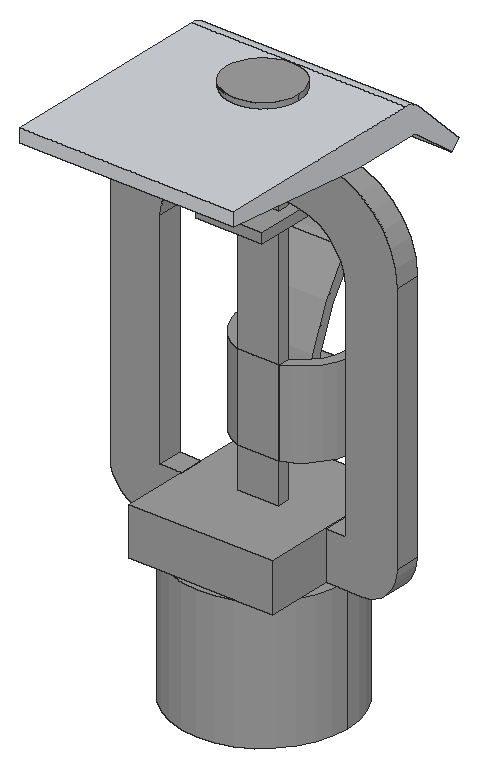
Revit family
Parameters (values of type "RASCO G VSW")
  Temperature Rating = 165 °F
  Response = (empty or 0)
  RASCO SIN # = "R1285"
  RASCO Part # = "GV1B"
  Pressure Rating = "175 PSI"
  Pressure Class = (empty or 0)
  Orifice Size = 1/2"
  Orifice = (empty or 0)
  Model = "G"
  Manufacturer = "RASCO"
  K-Factor = 5.62
  Description = "Brz. Finish"
  Coverage = (empty or 0)
Reference planes (in)
  plane 1 "Center (Front/Back)": y = 0
  plane 2: z = 0
  plane 3 "Center (Left/Right)": x = 0
Dimensions and locks (in)
  aligned and locked: plane 2 to level
Nested families (in)
  nested 1: "GV1B" at (0, 0, 0), type "RASCO G VSW"
Connectors (in)
  piping at (0, 0, 0)
    settings: on nested 1, index 1, connector radius 0.45", flow factor 0, pipe flow 0 GPM, pressure drop 0.00 psi, fitting loss kfactor 0, connector angle 0.00°, fixture units 0, flow configuration 0, flow direction 0, fitting loss method 0, system type 7, connector reference index -1, connector utility 0, adjustable connector no, is connector primary yes, fitting loss table "", connector description ""
Definition of nested family "GV1B"
  Parameters (values of type "RASCO G VSW")
    Type Comments = ""
    Temperature Rating = 0 °F
    Response = (empty or 0)
    Pressure Rating = "0"
    Pressure Class = (empty or 0)
    Orifice Size = 0"
    Orifice = (empty or 0)
    Model = ""
    Manufacturer = ""
    K-Factor = 0
    Description = ""
    Coverage = (empty or 0)
    Assembly Code = ""
  Reference planes (in)
    plane 1 "Center (Front/Back)": y = 0
    plane 2: z = 0
    plane 3 "ref.2": z = 0.6875
    plane 4 "ref.3": z = 0.9375
    plane 5: x = -0.38065
    plane 6: x = 0.36935
    plane 7 "ref. side 1": y = 0.06402
    plane 8 "ref. side 2": y = -0.06098
    plane 9 "ref.4": z = 1.875
    plane 10 "ref.5": z = 2.875
    plane 11 "center": x = -0.00574
  Forms (in)
    Extrusion 1, solid, material "Default"
      sketch origin (0, 0, 0) x (1, 0, 0) y (0, 1, 0)
        loop
          circle (0, 0) r 0.438
      from 0 to 0.6875
    Extrusion 2, solid, material "Default"
      sketch origin (-0.12185, 0.05177, 0.6875) x (1, 0, 0) y (0, 1, 0)
        loop
          line (-0.2588, 0.356) -> (-0.2588, -0.4565) -> (0.4912, -0.4565) -> (0.4912, 0.356) -> (-0.2588, 0.356)
      from 0 to 0.25
    Extrusion 3, solid, material "Default"
      sketch origin (0, 0, 0) x (1, 0, 0) y (0, 0, 1)
        loop
          line (-0.49248, 0.9375) -> (-0.49248, 2.10276)
          arc (-0.49248, 2.10276) -> (-0.40724, 2.30855) -> (-0.20145, 2.39379) r 0.29103
          line (-0.20145, 2.39379) -> (0.18108, 2.39379)
          arc (0.18108, 2.39379) -> (0.38905, 2.30765) -> (0.47519, 2.09969) r 0.29411
          line (0.47519, 2.09969) -> (0.47519, 0.9375) -> (0.36935, 0.9375) -> (0.36935, 0.6875) -> (0.55741, 0.6875)
          arc (0.55741, 0.6875) -> (0.69165, 0.7431) -> (0.74725, 0.87734) r 0.18984
          line (0.74725, 0.87734) -> (0.74725, 2.19113)
          arc (0.74725, 2.19113) -> (0.61669, 2.50631) -> (0.3015, 2.63687) r 0.44574
          line (0.3015, 2.63687) -> (-0.30719, 2.63687)
          arc (-0.30719, 2.63687) -> (-0.62225, 2.50637) -> (-0.75275, 2.19131) r 0.44556
          line (-0.75275, 2.19131) -> (-0.75275, 0.87876)
          arc (-0.75275, 0.87876) -> (-0.69673, 0.74352) -> (-0.56149, 0.6875) r 0.19126
          line (-0.56149, 0.6875) -> (-0.38065, 0.6875) -> (-0.38065, 0.9375) -> (-0.49248, 0.9375)
      from -0.06402 to 0.06098
    Extrusion 4, solid, material "Default"
      sketch origin (-0.00199, 0, 2.4375) x (-1, 0, 0) y (0, -1, 0)
        loop
          circle (0.00574, -0.00152) r 0.1875
      from -0.04371 to 0.4375
    Extrusion 5, solid, material "Default"
      sketch origin (0, 0, 0.9375) x (-1, 0, 0) y (0, -1, 0)
        loop
          line (-0.10175, -0.02852) -> (0.11324, -0.02852) -> (0.11324, 0.03101) -> (-0.10175, 0.03101) -> (-0.10175, -0.02852)
      from 0 to 1.45629
    Extrusion 6, solid, material "Default"
      sketch origin (-0.00574, -0.0095, -0.07537) x (0, 0, -1) y (0, -1, 0)
        loop
          line (-2.39379, 0.21198) -> (-2.39379, -0.229)
          arc (-2.39379, -0.229) -> (-2.26956, -0.41579) -> (-2.04926, -0.37342) r 0.20254
          arc (-2.04926, -0.37342) -> (-1.6599, -0.16721) -> (-1.22163, -0.12207) r 1.15319
          line (-1.22163, -0.12207) -> (-1.22163, -0.07087)
          arc (-1.22163, -0.07087) -> (-1.6782, -0.11947) -> (-2.0834, -0.33544) r 1.20419
          arc (-2.0834, -0.33544) -> (-2.24878, -0.36919) -> (-2.34279, -0.229) r 0.15154
          line (-2.34279, -0.229) -> (-2.34279, 0.21198) -> (-2.39379, 0.21198)
      from -0.17255 to 0.17398
    Extrusion 7, solid, material "Default"
      sketch origin (0, 0, 0) x (1, 0, 0) y (0, 1, 0)
        loop
          arc (0.23993, 0.23051) -> (0.19768, 0.11115) -> (0.10175, 0.02852) r 0.24647
          line (0.10175, 0.02852) -> (-0.11324, 0.02852)
          arc (-0.11324, 0.02852) -> (-0.21767, 0.12447) -> (-0.25194, 0.2621) r 0.24647
          line (-0.25194, 0.2621) -> (-0.25194, 0.40777) -> (-0.30719, 0.40777) -> (-0.30719, 0.25942)
          arc (-0.30719, 0.25942) -> (-0.25653, 0.08328) -> (-0.11324, -0.03101) r 0.30157
          line (-0.11324, -0.03101) -> (0.10175, -0.03101)
          arc (0.10175, -0.03101) -> (0.24461, 0.08262) -> (0.29574, 0.25785) r 0.30157
          line (0.29574, 0.25785) -> (0.29574, 0.40777) -> (0.23993, 0.40777) -> (0.23993, 0.23051)
      from 1.14626 to 1.59756
    Extrusion 8, solid, material "Default"
      sketch origin (-0.00574, -0.0095, -0.07537) x (0, 0, -1) y (0, -1, 0)
        loop
          circle (-1.44728, -0.26892) r 0.13147
      from -0.24568 to 0.24619
  Cuts and joins
    joined: Extrusion 1, Extrusion 2
  Dimensions and locks (in)
    plane 10 "ref.5" to level = 2.875"
  Nested families (in)
    nested 1: "EXTRUSION" at (-0.00574, 0, 0.63202) x (0, -1, 0) z (0, 0, 1), type "EXTRUSION"
  Definition of nested family "EXTRUSION"
    Parameters (values of type "EXTRUSION")
      Type Comments = ""
      Temperature Rating = 0 °F
      Response = (empty or 0)
      Pressure Rating = "0"
      Pressure Class = (empty or 0)
      Orifice Size = 0"
      Orifice = (empty or 0)
      Model = ""
      Manufacturer = ""
      K-Factor = 0
      Description = ""
      Coverage = (empty or 0)
      Assembly Code = ""
    Reference planes (in)
      plane 1 "Center (Front/Back)": y = 0
      plane 2: z = 0
      plane 3 "ref.2": z = 0.6875
      plane 4 "ref.3": z = 0.9375
      plane 5: x = -0.38065
      plane 6: x = 0.36935
      plane 7 "ref. side 1": y = 0.06402
      plane 8 "ref. side 2": y = -0.06098
      plane 9 "ref.4": z = 1.875
      plane 10 "ref.5": z = 2.24902
      plane 11 "ref.6": z = 2.4375
      plane 12 "void": z = 2.0625
    Forms (in)
      Extrusion 1, solid
        sketch origin (-0.03679, 0, -0.06016) x (1, 0, 0) y (0, 0, 1)
          loop
            arc (-0.19445, 2.27627) -> (-0.23939, 2.26733) -> (-0.27749, 2.24188) r 0.11743
            line (-0.27749, 2.24188) -> (-0.54045, 1.97891) -> (-0.49488, 1.93334) -> (-0.25503, 2.12072) -> (0.10902, 2.12072) -> (0.92351, 2.20633) -> (0.92351, 2.27627) -> (-0.19445, 2.27627)
        from -0.5584 to 0.5566
    Lines and regions (in)
      model lines
        curve 1: line (-0.00574, 0.06402, 1.875) -> (-0.00574, -0.06098, 1.875)
